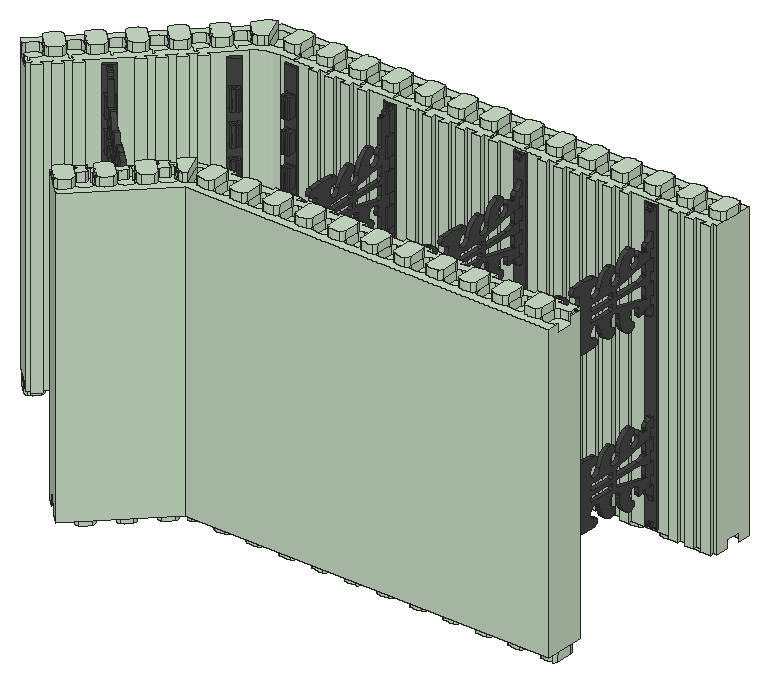
Revit family "ICF- NUDURA 10-inch- 45 Degree Form Unit- Imperial", category Generic Models, Revit 2010 (continued)
Definition of nested family "10-inch Web"
  Forms (in)
    Extrusion 1, solid, material "Polypropylene"
      sketch origin (0, 0, -0.5) x (0, 1, 0) y (0, 0, 1)
        loop
          arc (4.985, 0.88265) -> (4.98914, 0.86744) -> (5.00043, 0.85643) r 0.03
          line (5.00043, 0.85643) -> (5.16957, 0.76246)
          arc (5.16957, 0.76246) -> (5.18086, 0.75145) -> (5.185, 0.73624) r 0.03
          line (5.185, 0.73624) -> (5.185, 0.98503)
        loop
          line (-5.185, 0.98503) -> (-5.185, 0.73624)
          arc (-5.185, 0.73624) -> (-5.18086, 0.75145) -> (-5.16957, 0.76246) r 0.03
          line (-5.16957, 0.76246) -> (-5.00043, 0.85643)
          arc (-5.00043, 0.85643) -> (-4.98914, 0.86744) -> (-4.985, 0.88265) r 0.03
          line (-4.985, 0.88265) -> (-4.985, 0.95386)
          arc (-4.985, 0.95386) -> (-4.99126, 0.96839) -> (-5.00611, 0.97383) r 0.02
          line (-5.00611, 0.97383) -> (-5.16389, 0.96506)
          arc (-5.16389, 0.96506) -> (-5.17874, 0.9705) -> (-5.185, 0.98503) r 0.02
        loop
          line (4.959, 15.45384) -> (4.959, 15.95381) -> (4.854, 15.95381) -> (4.854, 16.02384) -> (5.0915, 16.02384)
          arc (5.0915, 16.02384) -> (5.1357, 16.00553) -> (5.154, 15.96134) r 0.0625
          line (5.154, 15.96134) -> (5.154, 16.86095)
          arc (5.154, 16.86095) -> (5.06225, 16.57227) -> (4.82067, 16.38954) r 0.5
          arc (4.82067, 16.38954) -> (4.69988, 16.29818) -> (4.654, 16.15384) r 0.25
          line (4.654, 16.15384) -> (4.654, 16.08634)
          arc (4.654, 16.08634) -> (4.67231, 16.04214) -> (4.7165, 16.02384) r 0.0625
          line (4.7165, 16.02384) -> (4.764, 16.02384) -> (4.764, 15.95381) -> (4.65846, 15.95381)
          arc (4.65846, 15.95381) -> (4.46242, 15.98802) -> (4.30133, 16.10487) r 0.44133
          arc (4.30133, 16.10487) -> (4.13092, 16.12201) -> (4.10336, 15.95298) r 0.125
          arc (4.10336, 15.95298) -> (3.6202, 15.47559) -> (3.56289, 16.15239) r 0.375
          arc (3.56289, 16.15239) -> (3.71165, 16.51474) -> (3.34931, 16.66349) r 0.27697
          arc (3.34931, 16.66349) -> (2.83672, 16.26582) -> (2.64033, 15.6475) r 1.09159
          line (2.64033, 15.6475) -> (2.64084, 15.48251)
          arc (2.64084, 15.48251) -> (2.06728, 15.19279) -> (2.07976, 15.83525) r 0.375
          arc (2.07976, 15.83525) -> (2.22851, 16.1976) -> (1.86617, 16.34635) r 0.27697
          arc (1.86617, 16.34635) -> (1.36679, 16.02099) -> (1.12993, 15.47406) r 1.0341
          arc (1.12993, 15.47406) -> (0.55637, 15.18434) -> (0.56885, 15.8268) r 0.375
          arc (0.56885, 15.8268) -> (0.65723, 15.85457) -> (0.74814, 15.87237) r 0.83414
          arc (0.74814, 15.87237) -> (0.91326, 16.103) -> (0.71383, 16.30469) r 0.22
          arc (0.71383, 16.30469) -> (0.35845, 16.35404) -> (0, 16.36944) r 3.77741
          arc (0, 16.36944) -> (-0.35845, 16.35404) -> (-0.71383, 16.30469) r 3.77741
          arc (-0.71383, 16.30469) -> (-0.91326, 16.103) -> (-0.74814, 15.87237) r 0.22
          arc (-0.74814, 15.87237) -> (-0.65723, 15.85457) -> (-0.56885, 15.8268) r 0.83414
          arc (-0.56885, 15.8268) -> (-0.55637, 15.18434) -> (-1.12993, 15.47406) r 0.375
          arc (-1.12993, 15.47406) -> (-1.36679, 16.02099) -> (-1.86617, 16.34635) r 1.0341
          arc (-1.86617, 16.34635) -> (-2.22851, 16.1976) -> (-2.07976, 15.83525) r 0.27697
          arc (-2.07976, 15.83525) -> (-2.06728, 15.19279) -> (-2.64084, 15.48251) r 0.375
          line (-2.64084, 15.48251) -> (-2.64033, 15.6475)
          arc (-2.64033, 15.6475) -> (-2.83672, 16.26582) -> (-3.34931, 16.66349) r 1.09159
          arc (-3.34931, 16.66349) -> (-3.71165, 16.51474) -> (-3.56289, 16.15239) r 0.27697
          arc (-3.56289, 16.15239) -> (-3.6202, 15.47559) -> (-4.10336, 15.95298) r 0.375
          arc (-4.10336, 15.95298) -> (-4.13092, 16.12201) -> (-4.30133, 16.10487) r 0.125
          arc (-4.30133, 16.10487) -> (-4.46242, 15.98802) -> (-4.65846, 15.95381) r 0.44133
          line (-4.65846, 15.95381) -> (-4.764, 15.95381) -> (-4.764, 16.02384) -> (-4.7165, 16.02384)
          arc (-4.7165, 16.02384) -> (-4.67231, 16.04214) -> (-4.654, 16.08634) r 0.0625
          line (-4.654, 16.08634) -> (-4.654, 16.15384)
          arc (-4.654, 16.15384) -> (-4.69988, 16.29818) -> (-4.82067, 16.38954) r 0.25
          arc (-4.82067, 16.38954) -> (-5.06225, 16.57227) -> (-5.154, 16.86095) r 0.5
          line (-5.154, 16.86095) -> (-5.154, 15.96134)
          arc (-5.154, 15.96134) -> (-5.1357, 16.00553) -> (-5.0915, 16.02384) r 0.0625
          line (-5.0915, 16.02384) -> (-4.854, 16.02384) -> (-4.854, 15.95381) -> (-4.959, 15.95381) -> (-4.959, 15.45384) -> (-4.854, 15.45384) -> (-4.854, 15.38384) -> (-5.1225, 15.38384)
          arc (-5.1225, 15.38384) -> (-5.16669, 15.40214) -> (-5.185, 15.44634) r 0.0625
          line (-5.185, 15.44634) -> (-5.185, 14.66134)
          arc (-5.185, 14.66134) -> (-5.16669, 14.70553) -> (-5.1225, 14.72384) r 0.0625
          line (-5.1225, 14.72384) -> (-4.854, 14.72384) -> (-4.854, 14.65384) -> (-4.959, 14.65384) -> (-4.959, 14.15384) -> (-4.854, 14.15384) -> (-4.854, 14.08384) -> (-5.1225, 14.08384)
          arc (-5.1225, 14.08384) -> (-5.16669, 14.10214) -> (-5.185, 14.14634) r 0.0625
          line (-5.185, 14.14634) -> (-5.185, 13.36134)
          arc (-5.185, 13.36134) -> (-5.16669, 13.40553) -> (-5.1225, 13.42384) r 0.0625
          line (-5.1225, 13.42384) -> (-4.854, 13.42384) -> (-4.854, 13.35384) -> (-4.959, 13.35384) -> (-4.959, 12.85387) -> (-4.854, 12.85387) -> (-4.854, 12.78384) -> (-5.1225, 12.78384)
          arc (-5.1225, 12.78384) -> (-5.16669, 12.80214) -> (-5.185, 12.84634) r 0.0625
          line (-5.185, 12.84634) -> (-5.185, 12.24673) -> (-5.054, 12.24673)
          arc (-5.054, 12.24673) -> (-4.95001, 12.34969) -> (-4.82067, 12.41814) r 0.5
          arc (-4.82067, 12.41814) -> (-4.69988, 12.5095) -> (-4.654, 12.65384) r 0.25
          line (-4.654, 12.65384) -> (-4.654, 12.72134)
          arc (-4.654, 12.72134) -> (-4.67231, 12.76553) -> (-4.7165, 12.78384) r 0.0625
          line (-4.7165, 12.78384) -> (-4.764, 12.78384) -> (-4.764, 12.85387) -> (-4.65846, 12.85387)
          arc (-4.65846, 12.85387) -> (-4.46242, 12.81966) -> (-4.30133, 12.70281) r 0.44133
          arc (-4.30133, 12.70281) -> (-4.13092, 12.68566) -> (-4.10336, 12.8547) r 0.125
          arc (-4.10336, 12.8547) -> (-3.6202, 13.33209) -> (-3.56289, 12.65529) r 0.375
          arc (-3.56289, 12.65529) -> (-3.71165, 12.29294) -> (-3.34931, 12.14419) r 0.27697
          arc (-3.34931, 12.14419) -> (-2.83672, 12.54186) -> (-2.64033, 13.16018) r 1.09159
          line (-2.64033, 13.16018) -> (-2.64084, 13.32517)
          arc (-2.64084, 13.32517) -> (-2.06728, 13.61488) -> (-2.07976, 12.97243) r 0.375
          arc (-2.07976, 12.97243) -> (-2.22851, 12.61008) -> (-1.86617, 12.46132) r 0.27697
          arc (-1.86617, 12.46132) -> (-1.36679, 12.78669) -> (-1.12993, 13.33362) r 1.0341
          arc (-1.12993, 13.33362) -> (-0.55637, 13.62334) -> (-0.56885, 12.98088) r 0.375
          arc (-0.56885, 12.98088) -> (-0.65723, 12.95311) -> (-0.74814, 12.93531) r 0.83414
          arc (-0.74814, 12.93531) -> (-0.91326, 12.70468) -> (-0.71383, 12.50299) r 0.22
          arc (-0.71383, 12.50299) -> (-0.35845, 12.45364) -> (0, 12.43823) r 3.77741
          arc (0, 12.43823) -> (0.35845, 12.45364) -> (0.71383, 12.50299) r 3.77741
          arc (0.71383, 12.50299) -> (0.91326, 12.70468) -> (0.74814, 12.93531) r 0.22
          arc (0.74814, 12.93531) -> (0.65723, 12.95311) -> (0.56885, 12.98088) r 0.83414
          arc (0.56885, 12.98088) -> (0.55637, 13.62334) -> (1.12993, 13.33362) r 0.375
          arc (1.12993, 13.33362) -> (1.36679, 12.78669) -> (1.86617, 12.46132) r 1.0341
          arc (1.86617, 12.46132) -> (2.22851, 12.61008) -> (2.07976, 12.97243) r 0.27697
          arc (2.07976, 12.97243) -> (2.06728, 13.61488) -> (2.64084, 13.32517) r 0.375
          line (2.64084, 13.32517) -> (2.64033, 13.16018)
          arc (2.64033, 13.16018) -> (2.83672, 12.54186) -> (3.34931, 12.14419) r 1.09159
          arc (3.34931, 12.14419) -> (3.71165, 12.29294) -> (3.56289, 12.65529) r 0.27697
          arc (3.56289, 12.65529) -> (3.6202, 13.33209) -> (4.10336, 12.8547) r 0.375
          arc (4.10336, 12.8547) -> (4.13092, 12.68566) -> (4.30133, 12.70281) r 0.125
          arc (4.30133, 12.70281) -> (4.46242, 12.81966) -> (4.65846, 12.85387) r 0.44133
          line (4.65846, 12.85387) -> (4.764, 12.85387) -> (4.764, 12.78384) -> (4.7165, 12.78384)
          arc (4.7165, 12.78384) -> (4.67231, 12.76553) -> (4.654, 12.72134) r 0.0625
          line (4.654, 12.72134) -> (4.654, 12.65384)
          arc (4.654, 12.65384) -> (4.69988, 12.5095) -> (4.82067, 12.41814) r 0.25
          arc (4.82067, 12.41814) -> (4.95001, 12.34969) -> (5.054, 12.24673) r 0.5
          line (5.054, 12.24673) -> (5.185, 12.24673) -> (5.185, 12.84634)
          arc (5.185, 12.84634) -> (5.16669, 12.80214) -> (5.1225, 12.78384) r 0.0625
          line (5.1225, 12.78384) -> (4.854, 12.78384) -> (4.854, 12.85387) -> (4.959, 12.85387) -> (4.959, 13.35384) -> (4.854, 13.35384) -> (4.854, 13.42384) -> (5.1225, 13.42384)
          arc (5.1225, 13.42384) -> (5.16669, 13.40553) -> (5.185, 13.36134) r 0.0625
          line (5.185, 13.36134) -> (5.185, 14.14634)
          arc (5.185, 14.14634) -> (5.16669, 14.10214) -> (5.1225, 14.08384) r 0.0625
          line (5.1225, 14.08384) -> (4.854, 14.08384) -> (4.854, 14.15384) -> (4.959, 14.15384) -> (4.959, 14.65384) -> (4.854, 14.65384) -> (4.854, 14.72384) -> (5.1225, 14.72384)
          arc (5.1225, 14.72384) -> (5.16669, 14.70553) -> (5.185, 14.66134) r 0.0625
          line (5.185, 14.66134) -> (5.185, 15.44634)
          arc (5.185, 15.44634) -> (5.16669, 15.40214) -> (5.1225, 15.38384) r 0.0625
          line (5.1225, 15.38384) -> (4.854, 15.38384) -> (4.854, 15.45384) -> (4.959, 15.45384)
        loop
          line (4.659, 14.65384) -> (4.764, 14.65384) -> (4.764, 14.72384) -> (4.7165, 14.72384)
          arc (4.7165, 14.72384) -> (4.67231, 14.74214) -> (4.654, 14.78634) r 0.0625
          line (4.654, 14.78634) -> (4.654, 15.32134)
          arc (4.654, 15.32134) -> (4.67231, 15.36553) -> (4.7165, 15.38384) r 0.0625
          line (4.7165, 15.38384) -> (4.764, 15.38384) -> (4.764, 15.45384) -> (4.659, 15.45384) -> (2.44144, 14.95721)
          arc (2.44144, 14.95721) -> (2.37119, 14.91337) -> (2.34376, 14.83523) r 0.125
          line (2.34376, 14.83523) -> (2.34376, 14.62294)
          arc (2.34376, 14.62294) -> (2.38037, 14.53455) -> (2.46876, 14.49794) r 0.125
          line (2.46876, 14.49794) -> (4.10628, 14.49794)
          arc (4.10628, 14.49794) -> (4.33726, 14.5391) -> (4.5554, 14.62551) r 1.17022
          arc (4.5554, 14.62551) -> (4.60543, 14.64613) -> (4.659, 14.65384) r 0.21872
        loop
          line (4.659, 13.35384) -> (4.764, 13.35384) -> (4.764, 13.42384) -> (4.7165, 13.42384)
          arc (4.7165, 13.42384) -> (4.67231, 13.44214) -> (4.654, 13.48634) r 0.0625
          line (4.654, 13.48634) -> (4.654, 14.02134)
          arc (4.654, 14.02134) -> (4.67231, 14.06553) -> (4.7165, 14.08384) r 0.0625
          line (4.7165, 14.08384) -> (4.764, 14.08384) -> (4.764, 14.15384) -> (4.659, 14.15384)
          arc (4.659, 14.15384) -> (4.60543, 14.16155) -> (4.5554, 14.18217) r 0.21872
          arc (4.5554, 14.18217) -> (4.33726, 14.26858) -> (4.10628, 14.30974) r 1.17022
          line (4.10628, 14.30974) -> (2.46876, 14.30974)
          arc (2.46876, 14.30974) -> (2.38037, 14.27312) -> (2.34376, 14.18474) r 0.125
          line (2.34376, 14.18474) -> (2.34376, 13.97245)
          arc (2.34376, 13.97245) -> (2.37119, 13.89431) -> (2.44144, 13.85047) r 0.125
          line (2.44144, 13.85047) -> (4.659, 13.35384)
        loop
          line (5.185, 18.01497) -> (5.185, 18.26376)
          arc (5.185, 18.26376) -> (5.18086, 18.24855) -> (5.16957, 18.23754) r 0.03
          line (5.16957, 18.23754) -> (5.00043, 18.14357)
          arc (5.00043, 18.14357) -> (4.98914, 18.13256) -> (4.985, 18.11735) r 0.03
          line (4.985, 18.11735) -> (4.985, 18.04614)
          arc (4.985, 18.04614) -> (4.99126, 18.03161) -> (5.00611, 18.02617) r 0.02
          line (5.00611, 18.02617) -> (5.16389, 18.03494)
          arc (5.16389, 18.03494) -> (5.17874, 18.0295) -> (5.185, 18.01497) r 0.02
        loop
          arc (-5.185, 18.01497) -> (-5.17874, 18.0295) -> (-5.16389, 18.03494) r 0.02
          line (-5.16389, 18.03494) -> (-5.00611, 18.02617)
          arc (-5.00611, 18.02617) -> (-4.99126, 18.03161) -> (-4.985, 18.04614) r 0.02
          line (-4.985, 18.04614) -> (-4.985, 18.11735)
          arc (-4.985, 18.11735) -> (-4.98914, 18.13256) -> (-5.00043, 18.14357) r 0.03
          line (-5.00043, 18.14357) -> (-5.16957, 18.23754)
          arc (-5.16957, 18.23754) -> (-5.18086, 18.24855) -> (-5.185, 18.26376) r 0.03
          line (-5.185, 18.26376) -> (-5.185, 18.01497)
        loop
          line (2.03126, 14.93281) -> (0.59176, 14.93281)
          arc (0.59176, 14.93281) -> (0.37476, 14.71581) -> (0.59176, 14.49881) r 0.217
          line (0.59176, 14.49881) -> (2.03126, 14.49881)
          arc (2.03126, 14.49881) -> (2.11964, 14.53542) -> (2.15626, 14.62381) r 0.125
          line (2.15626, 14.62381) -> (2.15626, 14.80781)
          arc (2.15626, 14.80781) -> (2.11964, 14.8962) -> (2.03126, 14.93281) r 0.125
        loop
          line (0.59176, 13.87487) -> (2.03126, 13.87487)
          arc (2.03126, 13.87487) -> (2.11964, 13.91148) -> (2.15626, 13.99987) r 0.125
          line (2.15626, 13.99987) -> (2.15626, 14.18387)
          arc (2.15626, 14.18387) -> (2.11964, 14.27226) -> (2.03126, 14.30887) r 0.125
          line (2.03126, 14.30887) -> (0.59176, 14.30887)
          arc (0.59176, 14.30887) -> (0.37476, 14.09187) -> (0.59176, 13.87487) r 0.217
        loop
          arc (-4.659, 14.65384) -> (-4.60543, 14.64613) -> (-4.5554, 14.62551) r 0.21872
          arc (-4.5554, 14.62551) -> (-4.33726, 14.5391) -> (-4.10628, 14.49794) r 1.17022
          line (-4.10628, 14.49794) -> (-2.46876, 14.49794)
          arc (-2.46876, 14.49794) -> (-2.38037, 14.53455) -> (-2.34376, 14.62294) r 0.125
          line (-2.34376, 14.62294) -> (-2.34376, 14.83523)
          arc (-2.34376, 14.83523) -> (-2.37119, 14.91337) -> (-2.44144, 14.95721) r 0.125
          line (-2.44144, 14.95721) -> (-4.659, 15.45384) -> (-4.764, 15.45384) -> (-4.764, 15.38384) -> (-4.7165, 15.38384)
          arc (-4.7165, 15.38384) -> (-4.67231, 15.36553) -> (-4.654, 15.32134) r 0.0625
          line (-4.654, 15.32134) -> (-4.654, 14.78634)
          arc (-4.654, 14.78634) -> (-4.67231, 14.74214) -> (-4.7165, 14.72384) r 0.0625
          line (-4.7165, 14.72384) -> (-4.764, 14.72384) -> (-4.764, 14.65384) -> (-4.659, 14.65384)
        loop
          line (-4.659, 13.35384) -> (-2.44144, 13.85047)
          arc (-2.44144, 13.85047) -> (-2.37119, 13.89431) -> (-2.34376, 13.97245) r 0.125
          line (-2.34376, 13.97245) -> (-2.34376, 14.18474)
          arc (-2.34376, 14.18474) -> (-2.38037, 14.27312) -> (-2.46876, 14.30974) r 0.125
          line (-2.46876, 14.30974) -> (-4.10628, 14.30974)
          arc (-4.10628, 14.30974) -> (-4.33726, 14.26858) -> (-4.5554, 14.18217) r 1.17022
          arc (-4.5554, 14.18217) -> (-4.60543, 14.16155) -> (-4.659, 14.15384) r 0.21872
          line (-4.659, 14.15384) -> (-4.764, 14.15384) -> (-4.764, 14.08384) -> (-4.7165, 14.08384)
          arc (-4.7165, 14.08384) -> (-4.67231, 14.06553) -> (-4.654, 14.02134) r 0.0625
          line (-4.654, 14.02134) -> (-4.654, 13.48634)
          arc (-4.654, 13.48634) -> (-4.67231, 13.44214) -> (-4.7165, 13.42384) r 0.0625
          line (-4.7165, 13.42384) -> (-4.764, 13.42384) -> (-4.764, 13.35384) -> (-4.659, 13.35384)
        loop
          arc (-2.03126, 14.93281) -> (-2.11964, 14.8962) -> (-2.15626, 14.80781) r 0.125
          line (-2.15626, 14.80781) -> (-2.15626, 14.62381)
          arc (-2.15626, 14.62381) -> (-2.11964, 14.53542) -> (-2.03126, 14.49881) r 0.125
          line (-2.03126, 14.49881) -> (-0.59176, 14.49881)
          arc (-0.59176, 14.49881) -> (-0.37476, 14.71581) -> (-0.59176, 14.93281) r 0.217
          line (-0.59176, 14.93281) -> (-2.03126, 14.93281)
        loop
          arc (-0.59176, 13.87487) -> (-0.37476, 14.09187) -> (-0.59176, 14.30887) r 0.217
          line (-0.59176, 14.30887) -> (-2.03126, 14.30887)
          arc (-2.03126, 14.30887) -> (-2.11964, 14.27226) -> (-2.15626, 14.18387) r 0.125
          line (-2.15626, 14.18387) -> (-2.15626, 13.99987)
          arc (-2.15626, 13.99987) -> (-2.11964, 13.91148) -> (-2.03126, 13.87487) r 0.125
          line (-2.03126, 13.87487) -> (-0.59176, 13.87487)
        loop
          line (4.959, 3.54616) -> (4.854, 3.54616) -> (4.854, 3.61616) -> (5.1225, 3.61616)
          arc (5.1225, 3.61616) -> (5.16669, 3.59786) -> (5.185, 3.55366) r 0.0625
          line (5.185, 3.55366) -> (5.185, 4.33866)
          arc (5.185, 4.33866) -> (5.16669, 4.29447) -> (5.1225, 4.27616) r 0.0625
          line (5.1225, 4.27616) -> (4.854, 4.27616) -> (4.854, 4.34616) -> (4.959, 4.34616) -> (4.959, 4.84616) -> (4.854, 4.84616) -> (4.854, 4.91616) -> (5.1225, 4.91616)
          arc (5.1225, 4.91616) -> (5.16669, 4.89786) -> (5.185, 4.85366) r 0.0625
          line (5.185, 4.85366) -> (5.185, 5.63866)
          arc (5.185, 5.63866) -> (5.16669, 5.59447) -> (5.1225, 5.57616) r 0.0625
          line (5.1225, 5.57616) -> (4.854, 5.57616) -> (4.854, 5.64616) -> (4.959, 5.64616) -> (4.959, 6.14613) -> (4.854, 6.14613) -> (4.854, 6.21616) -> (5.1225, 6.21616)
          arc (5.1225, 6.21616) -> (5.16669, 6.19786) -> (5.185, 6.15366) r 0.0625
          line (5.185, 6.15366) -> (5.185, 6.75327) -> (5.054, 6.75327)
          arc (5.054, 6.75327) -> (4.95001, 6.65031) -> (4.82067, 6.58186) r 0.5
          arc (4.82067, 6.58186) -> (4.69988, 6.4905) -> (4.654, 6.34616) r 0.25
          line (4.654, 6.34616) -> (4.654, 6.27866)
          arc (4.654, 6.27866) -> (4.67231, 6.23447) -> (4.7165, 6.21616) r 0.0625
          line (4.7165, 6.21616) -> (4.764, 6.21616) -> (4.764, 6.14613) -> (4.65846, 6.14613)
          arc (4.65846, 6.14613) -> (4.46242, 6.18034) -> (4.30133, 6.29719) r 0.44133
          arc (4.30133, 6.29719) -> (4.13092, 6.31434) -> (4.10336, 6.1453) r 0.125
          arc (4.10336, 6.1453) -> (3.6202, 5.66791) -> (3.56289, 6.34471) r 0.375
          arc (3.56289, 6.34471) -> (3.71165, 6.70706) -> (3.34931, 6.85581) r 0.27697
          arc (3.34931, 6.85581) -> (2.83672, 6.45814) -> (2.64033, 5.83982) r 1.09159
          line (2.64033, 5.83982) -> (2.64084, 5.67483)
          arc (2.64084, 5.67483) -> (2.06728, 5.38512) -> (2.07976, 6.02757) r 0.375
          arc (2.07976, 6.02757) -> (2.22851, 6.38992) -> (1.86617, 6.53868) r 0.27697
          arc (1.86617, 6.53868) -> (1.36679, 6.21331) -> (1.12993, 5.66638) r 1.0341
          arc (1.12993, 5.66638) -> (0.55637, 5.37666) -> (0.56885, 6.01912) r 0.375
          arc (0.56885, 6.01912) -> (0.65723, 6.04689) -> (0.74814, 6.06469) r 0.83414
          arc (0.74814, 6.06469) -> (0.91326, 6.29532) -> (0.71383, 6.49701) r 0.22
          arc (0.71383, 6.49701) -> (0.35845, 6.54636) -> (0, 6.56177) r 3.77741
          arc (0, 6.56177) -> (-0.35845, 6.54636) -> (-0.71383, 6.49701) r 3.77741
          arc (-0.71383, 6.49701) -> (-0.91326, 6.29532) -> (-0.74814, 6.06469) r 0.22
          arc (-0.74814, 6.06469) -> (-0.65723, 6.04689) -> (-0.56885, 6.01912) r 0.83414
          arc (-0.56885, 6.01912) -> (-0.55637, 5.37666) -> (-1.12993, 5.66638) r 0.375
          arc (-1.12993, 5.66638) -> (-1.36679, 6.21331) -> (-1.86617, 6.53868) r 1.0341
          arc (-1.86617, 6.53868) -> (-2.22851, 6.38992) -> (-2.07976, 6.02757) r 0.27697
          arc (-2.07976, 6.02757) -> (-2.06728, 5.38512) -> (-2.64084, 5.67483) r 0.375
          line (-2.64084, 5.67483) -> (-2.64033, 5.83982)
          arc (-2.64033, 5.83982) -> (-2.83672, 6.45814) -> (-3.34931, 6.85581) r 1.09159
          arc (-3.34931, 6.85581) -> (-3.71165, 6.70706) -> (-3.56289, 6.34471) r 0.27697
          arc (-3.56289, 6.34471) -> (-3.6202, 5.66791) -> (-4.10336, 6.1453) r 0.375
          arc (-4.10336, 6.1453) -> (-4.13092, 6.31434) -> (-4.30133, 6.29719) r 0.125
          arc (-4.30133, 6.29719) -> (-4.46242, 6.18034) -> (-4.65846, 6.14613) r 0.44133
          line (-4.65846, 6.14613) -> (-4.764, 6.14613) -> (-4.764, 6.21616) -> (-4.7165, 6.21616)
          arc (-4.7165, 6.21616) -> (-4.67231, 6.23447) -> (-4.654, 6.27866) r 0.0625
          line (-4.654, 6.27866) -> (-4.654, 6.34616)
          arc (-4.654, 6.34616) -> (-4.69988, 6.4905) -> (-4.82067, 6.58186) r 0.25
          arc (-4.82067, 6.58186) -> (-4.95001, 6.65031) -> (-5.054, 6.75327) r 0.5
          line (-5.054, 6.75327) -> (-5.185, 6.75327) -> (-5.185, 6.15366)
          arc (-5.185, 6.15366) -> (-5.16669, 6.19786) -> (-5.1225, 6.21616) r 0.0625
          line (-5.1225, 6.21616) -> (-4.854, 6.21616) -> (-4.854, 6.14613) -> (-4.959, 6.14613) -> (-4.959, 5.64616) -> (-4.854, 5.64616) -> (-4.854, 5.57616) -> (-5.1225, 5.57616)
          arc (-5.1225, 5.57616) -> (-5.16669, 5.59447) -> (-5.185, 5.63866) r 0.0625
          line (-5.185, 5.63866) -> (-5.185, 4.85366)
          arc (-5.185, 4.85366) -> (-5.16669, 4.89786) -> (-5.1225, 4.91616) r 0.0625
          line (-5.1225, 4.91616) -> (-4.854, 4.91616) -> (-4.854, 4.84616) -> (-4.959, 4.84616) -> (-4.959, 4.34616) -> (-4.854, 4.34616) -> (-4.854, 4.27616) -> (-5.1225, 4.27616)
          arc (-5.1225, 4.27616) -> (-5.16669, 4.29447) -> (-5.185, 4.33866) r 0.0625
          line (-5.185, 4.33866) -> (-5.185, 3.55366)
          arc (-5.185, 3.55366) -> (-5.16669, 3.59786) -> (-5.1225, 3.61616) r 0.0625
          line (-5.1225, 3.61616) -> (-4.854, 3.61616) -> (-4.854, 3.54616) -> (-4.959, 3.54616) -> (-4.959, 3.04619) -> (-4.854, 3.04619) -> (-4.854, 2.97616) -> (-5.0915, 2.97616)
          arc (-5.0915, 2.97616) -> (-5.1357, 2.99447) -> (-5.154, 3.03866) r 0.0625
          line (-5.154, 3.03866) -> (-5.154, 2.13905)
          arc (-5.154, 2.13905) -> (-5.06225, 2.42773) -> (-4.82067, 2.61046) r 0.5
          arc (-4.82067, 2.61046) -> (-4.69988, 2.70182) -> (-4.654, 2.84616) r 0.25
          line (-4.654, 2.84616) -> (-4.654, 2.91366)
          arc (-4.654, 2.91366) -> (-4.67231, 2.95786) -> (-4.7165, 2.97616) r 0.0625
          line (-4.7165, 2.97616) -> (-4.764, 2.97616) -> (-4.764, 3.04619) -> (-4.65846, 3.04619)
          arc (-4.65846, 3.04619) -> (-4.46242, 3.01198) -> (-4.30133, 2.89513) r 0.44133
          arc (-4.30133, 2.89513) -> (-4.13092, 2.87799) -> (-4.10336, 3.04702) r 0.125
          arc (-4.10336, 3.04702) -> (-3.6202, 3.52441) -> (-3.56289, 2.84761) r 0.375
          arc (-3.56289, 2.84761) -> (-3.71165, 2.48526) -> (-3.34931, 2.33651) r 0.27697
          arc (-3.34931, 2.33651) -> (-2.83672, 2.73418) -> (-2.64033, 3.3525) r 1.09159
          line (-2.64033, 3.3525) -> (-2.64084, 3.51749)
          arc (-2.64084, 3.51749) -> (-2.06728, 3.80721) -> (-2.07976, 3.16475) r 0.375
          arc (-2.07976, 3.16475) -> (-2.22851, 2.8024) -> (-1.86617, 2.65365) r 0.27697
          arc (-1.86617, 2.65365) -> (-1.36679, 2.97901) -> (-1.12993, 3.52594) r 1.0341
          arc (-1.12993, 3.52594) -> (-0.55637, 3.81566) -> (-0.56885, 3.1732) r 0.375
          arc (-0.56885, 3.1732) -> (-0.65723, 3.14543) -> (-0.74814, 3.12763) r 0.83414
          arc (-0.74814, 3.12763) -> (-0.91326, 2.897) -> (-0.71383, 2.69531) r 0.22
          arc (-0.71383, 2.69531) -> (-0.35845, 2.64596) -> (0, 2.63056) r 3.77741
          arc (0, 2.63056) -> (0.35845, 2.64596) -> (0.71383, 2.69531) r 3.77741
          arc (0.71383, 2.69531) -> (0.91326, 2.897) -> (0.74814, 3.12763) r 0.22
          arc (0.74814, 3.12763) -> (0.65723, 3.14543) -> (0.56885, 3.1732) r 0.83414
          arc (0.56885, 3.1732) -> (0.55637, 3.81566) -> (1.12993, 3.52594) r 0.375
          arc (1.12993, 3.52594) -> (1.36679, 2.97901) -> (1.86617, 2.65365) r 1.0341
          arc (1.86617, 2.65365) -> (2.22851, 2.8024) -> (2.07976, 3.16475) r 0.27697
          arc (2.07976, 3.16475) -> (2.06728, 3.80721) -> (2.64084, 3.51749) r 0.375
          line (2.64084, 3.51749) -> (2.64033, 3.3525)
          arc (2.64033, 3.3525) -> (2.83672, 2.73418) -> (3.34931, 2.33651) r 1.09159
          arc (3.34931, 2.33651) -> (3.71165, 2.48526) -> (3.56289, 2.84761) r 0.27697
          arc (3.56289, 2.84761) -> (3.6202, 3.52441) -> (4.10336, 3.04702) r 0.375
          arc (4.10336, 3.04702) -> (4.13092, 2.87799) -> (4.30133, 2.89513) r 0.125
          arc (4.30133, 2.89513) -> (4.46242, 3.01198) -> (4.65846, 3.04619) r 0.44133
          line (4.65846, 3.04619) -> (4.764, 3.04619) -> (4.764, 2.97616) -> (4.7165, 2.97616)
          arc (4.7165, 2.97616) -> (4.67231, 2.95786) -> (4.654, 2.91366) r 0.0625
          line (4.654, 2.91366) -> (4.654, 2.84616)
          arc (4.654, 2.84616) -> (4.69988, 2.70182) -> (4.82067, 2.61046) r 0.25
          arc (4.82067, 2.61046) -> (5.06225, 2.42773) -> (5.154, 2.13905) r 0.5
          line (5.154, 2.13905) -> (5.154, 3.03866)
          arc (5.154, 3.03866) -> (5.1357, 2.99447) -> (5.0915, 2.97616) r 0.0625
          line (5.0915, 2.97616) -> (4.854, 2.97616) -> (4.854, 3.04619) -> (4.959, 3.04619) -> (4.959, 3.54616)
        loop
          arc (4.659, 4.34616) -> (4.60543, 4.35387) -> (4.5554, 4.37449) r 0.21872
          arc (4.5554, 4.37449) -> (4.33726, 4.4609) -> (4.10628, 4.50206) r 1.17022
          line (4.10628, 4.50206) -> (2.46876, 4.50206)
          arc (2.46876, 4.50206) -> (2.38037, 4.46545) -> (2.34376, 4.37706) r 0.125
          line (2.34376, 4.37706) -> (2.34376, 4.16477)
          arc (2.34376, 4.16477) -> (2.37119, 4.08663) -> (2.44144, 4.04279) r 0.125
          line (2.44144, 4.04279) -> (4.659, 3.54616) -> (4.764, 3.54616) -> (4.764, 3.61616) -> (4.7165, 3.61616)
          arc (4.7165, 3.61616) -> (4.67231, 3.63447) -> (4.654, 3.67866) r 0.0625
          line (4.654, 3.67866) -> (4.654, 4.21366)
          arc (4.654, 4.21366) -> (4.67231, 4.25786) -> (4.7165, 4.27616) r 0.0625
          line (4.7165, 4.27616) -> (4.764, 4.27616) -> (4.764, 4.34616) -> (4.659, 4.34616)
        loop
          line (4.659, 5.64616) -> (2.44144, 5.14953)
          arc (2.44144, 5.14953) -> (2.37119, 5.10569) -> (2.34376, 5.02755) r 0.125
          line (2.34376, 5.02755) -> (2.34376, 4.81526)
          arc (2.34376, 4.81526) -> (2.38037, 4.72688) -> (2.46876, 4.69026) r 0.125
          line (2.46876, 4.69026) -> (4.10628, 4.69026)
          arc (4.10628, 4.69026) -> (4.33726, 4.73142) -> (4.5554, 4.81783) r 1.17022
          arc (4.5554, 4.81783) -> (4.60543, 4.83845) -> (4.659, 4.84616) r 0.21872
          line (4.659, 4.84616) -> (4.764, 4.84616) -> (4.764, 4.91616) -> (4.7165, 4.91616)
          arc (4.7165, 4.91616) -> (4.67231, 4.93447) -> (4.654, 4.97866) r 0.0625
          line (4.654, 4.97866) -> (4.654, 5.51366)
          arc (4.654, 5.51366) -> (4.67231, 5.55786) -> (4.7165, 5.57616) r 0.0625
          line (4.7165, 5.57616) -> (4.764, 5.57616) -> (4.764, 5.64616) -> (4.659, 5.64616)
        loop
          arc (2.03126, 4.06719) -> (2.11964, 4.1038) -> (2.15626, 4.19219) r 0.125
          line (2.15626, 4.19219) -> (2.15626, 4.37619)
          arc (2.15626, 4.37619) -> (2.11964, 4.46458) -> (2.03126, 4.50119) r 0.125
          line (2.03126, 4.50119) -> (0.59176, 4.50119)
          arc (0.59176, 4.50119) -> (0.37476, 4.28419) -> (0.59176, 4.06719) r 0.217
          line (0.59176, 4.06719) -> (2.03126, 4.06719)
        loop
          arc (0.59176, 5.12513) -> (0.37476, 4.90813) -> (0.59176, 4.69113) r 0.217
          line (0.59176, 4.69113) -> (2.03126, 4.69113)
          arc (2.03126, 4.69113) -> (2.11964, 4.72774) -> (2.15626, 4.81613) r 0.125
          line (2.15626, 4.81613) -> (2.15626, 5.00013)
          arc (2.15626, 5.00013) -> (2.11964, 5.08852) -> (2.03126, 5.12513) r 0.125
          line (2.03126, 5.12513) -> (0.59176, 5.12513)
        loop
          line (-4.659, 4.34616) -> (-4.764, 4.34616) -> (-4.764, 4.27616) -> (-4.7165, 4.27616)
          arc (-4.7165, 4.27616) -> (-4.67231, 4.25786) -> (-4.654, 4.21366) r 0.0625
          line (-4.654, 4.21366) -> (-4.654, 3.67866)
          arc (-4.654, 3.67866) -> (-4.67231, 3.63447) -> (-4.7165, 3.61616) r 0.0625
          line (-4.7165, 3.61616) -> (-4.764, 3.61616) -> (-4.764, 3.54616) -> (-4.659, 3.54616) -> (-2.44144, 4.04279)
          arc (-2.44144, 4.04279) -> (-2.37119, 4.08663) -> (-2.34376, 4.16477) r 0.125
          line (-2.34376, 4.16477) -> (-2.34376, 4.37706)
          arc (-2.34376, 4.37706) -> (-2.38037, 4.46545) -> (-2.46876, 4.50206) r 0.125
          line (-2.46876, 4.50206) -> (-4.10628, 4.50206)
          arc (-4.10628, 4.50206) -> (-4.33726, 4.4609) -> (-4.5554, 4.37449) r 1.17022
          arc (-4.5554, 4.37449) -> (-4.60543, 4.35387) -> (-4.659, 4.34616) r 0.21872
        loop
          line (-4.659, 5.64616) -> (-4.764, 5.64616) -> (-4.764, 5.57616) -> (-4.7165, 5.57616)
          arc (-4.7165, 5.57616) -> (-4.67231, 5.55786) -> (-4.654, 5.51366) r 0.0625
          line (-4.654, 5.51366) -> (-4.654, 4.97866)
          arc (-4.654, 4.97866) -> (-4.67231, 4.93447) -> (-4.7165, 4.91616) r 0.0625
          line (-4.7165, 4.91616) -> (-4.764, 4.91616) -> (-4.764, 4.84616) -> (-4.659, 4.84616)
          arc (-4.659, 4.84616) -> (-4.60543, 4.83845) -> (-4.5554, 4.81783) r 0.21872
          arc (-4.5554, 4.81783) -> (-4.33726, 4.73142) -> (-4.10628, 4.69026) r 1.17022
          line (-4.10628, 4.69026) -> (-2.46876, 4.69026)
          arc (-2.46876, 4.69026) -> (-2.38037, 4.72688) -> (-2.34376, 4.81526) r 0.125
          line (-2.34376, 4.81526) -> (-2.34376, 5.02755)
          arc (-2.34376, 5.02755) -> (-2.37119, 5.10569) -> (-2.44144, 5.14953) r 0.125
          line (-2.44144, 5.14953) -> (-4.659, 5.64616)
        loop
          line (-2.03126, 4.06719) -> (-0.59176, 4.06719)
          arc (-0.59176, 4.06719) -> (-0.37476, 4.28419) -> (-0.59176, 4.50119) r 0.217
          line (-0.59176, 4.50119) -> (-2.03126, 4.50119)
          arc (-2.03126, 4.50119) -> (-2.11964, 4.46458) -> (-2.15626, 4.37619) r 0.125
          line (-2.15626, 4.37619) -> (-2.15626, 4.19219)
          arc (-2.15626, 4.19219) -> (-2.11964, 4.1038) -> (-2.03126, 4.06719) r 0.125
        loop
          line (-0.59176, 5.12513) -> (-2.03126, 5.12513)
          arc (-2.03126, 5.12513) -> (-2.11964, 5.08852) -> (-2.15626, 5.00013) r 0.125
          line (-2.15626, 5.00013) -> (-2.15626, 4.81613)
          arc (-2.15626, 4.81613) -> (-2.11964, 4.72774) -> (-2.03126, 4.69113) r 0.125
          line (-2.03126, 4.69113) -> (-0.59176, 4.69113)
          arc (-0.59176, 4.69113) -> (-0.37476, 4.90813) -> (-0.59176, 5.12513) r 0.217
      from -0.125 to 0.125
    Extrusion 2, solid, material "Polypropylene"
      sketch origin (0, 0, 0) x (0, 1, 0) y (0, 0, 1)
        loop
          line (5.185, 17.8125) -> (5.185, 0.1875)
          arc (5.185, 0.1875) -> (5.2042, 0.14243) -> (5.25, 0.12505) r 0.0625
          arc (5.25, 0.12505) -> (5.2958, 0.14243) -> (5.315, 0.1875) r 0.0625
          line (5.315, 0.1875) -> (5.315, 17.8125)
          arc (5.315, 17.8125) -> (5.2958, 17.85757) -> (5.25, 17.87495) r 0.0625
          arc (5.25, 17.87495) -> (5.2042, 17.85757) -> (5.185, 17.8125) r 0.0625
        loop
          arc (-5.185, 17.8125) -> (-5.2042, 17.85757) -> (-5.25, 17.87495) r 0.0625
          arc (-5.25, 17.87495) -> (-5.2958, 17.85757) -> (-5.315, 17.8125) r 0.0625
          line (-5.315, 17.8125) -> (-5.315, 0.1875)
          arc (-5.315, 0.1875) -> (-5.2958, 0.14243) -> (-5.25, 0.12505) r 0.0625
          arc (-5.25, 0.12505) -> (-5.2042, 0.14243) -> (-5.185, 0.1875) r 0.0625
          line (-5.185, 0.1875) -> (-5.185, 17.8125)
      from -0.36328 to 0.36328
Definition of nested family "10-inch Insert Web"
  Reference planes (in)
    plane 1 "Center (Front/Back)": y = 0
    plane 2: z = 0
    plane 3 "Center (Left/Right)": x = 0
  Forms (in)
    Extrusion 1, solid, material "High Density Polystyrene"
      sketch origin (0, 0, 0) x (0, 1, 0) y (0, 0, 1)
        loop
          line (5.25, 0) -> (5.25, 17.74583)
          arc (5.25, 17.74583) -> (5.22112, 17.72608) -> (5.21, 17.69292) r 0.055
          line (5.21, 17.69292) -> (5.21, 0.05292)
          arc (5.21, 0.05292) -> (5.22112, 0.01975) -> (5.25, 0) r 0.055
        loop
          arc (-5.25, 0) -> (-5.22112, 0.01975) -> (-5.21, 0.05292) r 0.055
          line (-5.21, 0.05292) -> (-5.21, 17.69292)
          arc (-5.21, 17.69292) -> (-5.22112, 17.72608) -> (-5.25, 17.74583) r 0.055
          line (-5.25, 17.74583) -> (-5.25, 0)
      from 0.36328 to -0.36328
    Extrusion 2, solid, material "High Density Polystyrene"
      sketch origin (0, 0, 0) x (0, 1, 0) y (0, 0, 1)
        loop
          line (-5.12543, 17.57204) -> (-5.19457, 17.61045)
          arc (-5.19457, 17.61045) -> (-5.20585, 17.62147) -> (-5.21, 17.63668) r 0.03
          line (-5.21, 17.63668) -> (-5.21, 17.38789)
          arc (-5.21, 17.38789) -> (-5.20374, 17.40241) -> (-5.18889, 17.40785) r 0.02
          line (-5.18889, 17.40785) -> (-5.13111, 17.40464)
          arc (-5.13111, 17.40464) -> (-5.11625, 17.41008) -> (-5.11, 17.42461) r 0.02
          line (-5.11, 17.42461) -> (-5.11, 17.54582)
          arc (-5.11, 17.54582) -> (-5.11414, 17.56103) -> (-5.12543, 17.57204) r 0.03
        loop
          line (-4.5, 17.20772) -> (-4.6, 17.20772) -> (-4.6, 17.2388)
          arc (-4.6, 17.2388) -> (-4.61433, 17.27339) -> (-4.64893, 17.28772) r 0.04893
          line (-4.64893, 17.28772) -> (-4.77609, 17.28772) -> (-4.825, 17.43772)
          arc (-4.825, 17.43772) -> (-4.875, 17.46772) -> (-4.925, 17.43772) r 0.05667
          line (-4.925, 17.43772) -> (-5, 17.20772) -> (-5, 0.53811) -> (-4.925, 0.30811)
          arc (-4.925, 0.30811) -> (-4.875, 0.27811) -> (-4.825, 0.30811) r 0.05667
          line (-4.825, 0.30811) -> (-4.77609, 0.45811) -> (-4.64893, 0.45811)
          arc (-4.64893, 0.45811) -> (-4.61433, 0.47244) -> (-4.6, 0.50703) r 0.04893
          line (-4.6, 0.50703) -> (-4.6, 0.53811) -> (-4.5, 0.53811) -> (-4.5, 1.99805)
          arc (-4.5, 1.99805) -> (-4.46384, 2.08535) -> (-4.37654, 2.12151) r 0.12346
          arc (-4.37654, 2.12151) -> (-4.22754, 2.23265) -> (-4.21225, 2.41791) r 0.22602
          arc (-4.21225, 2.41791) -> (-3.72909, 2.89529) -> (-3.67178, 2.21849) r 0.375
          arc (-3.67178, 2.21849) -> (-3.82054, 1.85615) -> (-3.45819, 1.70739) r 0.27697
          arc (-3.45819, 1.70739) -> (-2.94561, 2.10506) -> (-2.74922, 2.72338) r 1.09159
          line (-2.74922, 2.72338) -> (-2.74973, 2.88837)
          arc (-2.74973, 2.88837) -> (-2.17617, 3.17809) -> (-2.18865, 2.53563) r 0.375
          arc (-2.18865, 2.53563) -> (-2.3374, 2.17328) -> (-1.97506, 2.02453) r 0.27697
          arc (-1.97506, 2.02453) -> (-1.47568, 2.34989) -> (-1.23882, 2.89683) r 1.0341
          arc (-1.23882, 2.89683) -> (-0.66526, 3.18654) -> (-0.67773, 2.54409) r 0.375
          arc (-0.67773, 2.54409) -> (-0.76612, 2.51631) -> (-0.85703, 2.49851) r 0.83414
          arc (-0.85703, 2.49851) -> (-1.02215, 2.26789) -> (-0.82272, 2.06619) r 0.22
          arc (-0.82272, 2.06619) -> (-0.41308, 2.01232) -> (0, 2.0035) r 3.77741
          arc (0, 2.0035) -> (0.41308, 2.01232) -> (0.82272, 2.06619) r 3.77741
          arc (0.82272, 2.06619) -> (1.02215, 2.26789) -> (0.85703, 2.49851) r 0.22
          arc (0.85703, 2.49851) -> (0.76612, 2.51631) -> (0.67773, 2.54409) r 0.83414
          arc (0.67773, 2.54409) -> (0.66526, 3.18654) -> (1.23882, 2.89683) r 0.375
          arc (1.23882, 2.89683) -> (1.47568, 2.34989) -> (1.97506, 2.02453) r 1.0341
          arc (1.97506, 2.02453) -> (2.3374, 2.17328) -> (2.18865, 2.53563) r 0.27697
          arc (2.18865, 2.53563) -> (2.17617, 3.17809) -> (2.74973, 2.88837) r 0.375
          line (2.74973, 2.88837) -> (2.74922, 2.72338)
          arc (2.74922, 2.72338) -> (2.94561, 2.10506) -> (3.45819, 1.70739) r 1.09159
          arc (3.45819, 1.70739) -> (3.82054, 1.85615) -> (3.67178, 2.21849) r 0.27697
          arc (3.67178, 2.21849) -> (3.72909, 2.89529) -> (4.21225, 2.41791) r 0.375
          arc (4.21225, 2.41791) -> (4.22754, 2.23265) -> (4.37654, 2.12151) r 0.22602
          arc (4.37654, 2.12151) -> (4.46384, 2.08535) -> (4.5, 1.99805) r 0.12346
          line (4.5, 1.99805) -> (4.5, 0.53811) -> (4.6, 0.53811) -> (4.6, 0.50703)
          arc (4.6, 0.50703) -> (4.61433, 0.47244) -> (4.64893, 0.45811) r 0.04893
          line (4.64893, 0.45811) -> (4.77609, 0.45811) -> (4.825, 0.30811)
          arc (4.825, 0.30811) -> (4.875, 0.27811) -> (4.925, 0.30811) r 0.05667
          line (4.925, 0.30811) -> (5, 0.53811) -> (5, 17.20772) -> (4.925, 17.43772)
          arc (4.925, 17.43772) -> (4.875, 17.46772) -> (4.825, 17.43772) r 0.05667
          line (4.825, 17.43772) -> (4.77609, 17.28772) -> (4.64893, 17.28772)
          arc (4.64893, 17.28772) -> (4.61433, 17.27339) -> (4.6, 17.2388) r 0.04893
          line (4.6, 17.2388) -> (4.6, 17.20772) -> (4.5, 17.20772) -> (4.5, 15.74778)
          arc (4.5, 15.74778) -> (4.46384, 15.66048) -> (4.37654, 15.62433) r 0.12346
          arc (4.37654, 15.62433) -> (4.22754, 15.51319) -> (4.21225, 15.32793) r 0.22602
          arc (4.21225, 15.32793) -> (3.72909, 14.85054) -> (3.67178, 15.52734) r 0.375
          arc (3.67178, 15.52734) -> (3.82054, 15.88969) -> (3.45819, 16.03844) r 0.27697
          arc (3.45819, 16.03844) -> (2.94561, 15.64077) -> (2.74922, 15.02245) r 1.09159
          line (2.74922, 15.02245) -> (2.74973, 14.85746)
          arc (2.74973, 14.85746) -> (2.17617, 14.56774) -> (2.18865, 15.2102) r 0.375
          arc (2.18865, 15.2102) -> (2.3374, 15.57255) -> (1.97506, 15.7213) r 0.27697
          arc (1.97506, 15.7213) -> (1.47568, 15.39594) -> (1.23882, 14.84901) r 1.0341
          arc (1.23882, 14.84901) -> (0.66526, 14.55929) -> (0.67773, 15.20175) r 0.375
          arc (0.67773, 15.20175) -> (0.76612, 15.22952) -> (0.85703, 15.24732) r 0.83414
          arc (0.85703, 15.24732) -> (1.02215, 15.47795) -> (0.82272, 15.67964) r 0.22
          arc (0.82272, 15.67964) -> (0.41308, 15.73351) -> (0, 15.74233) r 3.77741
          arc (0, 15.74233) -> (-0.41308, 15.73351) -> (-0.82272, 15.67964) r 3.77741
          arc (-0.82272, 15.67964) -> (-1.02215, 15.47795) -> (-0.85703, 15.24732) r 0.22
          arc (-0.85703, 15.24732) -> (-0.76612, 15.22952) -> (-0.67773, 15.20175) r 0.83414
          arc (-0.67773, 15.20175) -> (-0.66526, 14.55929) -> (-1.23882, 14.84901) r 0.375
          arc (-1.23882, 14.84901) -> (-1.47568, 15.39594) -> (-1.97506, 15.7213) r 1.0341
          arc (-1.97506, 15.7213) -> (-2.3374, 15.57255) -> (-2.18865, 15.2102) r 0.27697
          arc (-2.18865, 15.2102) -> (-2.17617, 14.56774) -> (-2.74973, 14.85746) r 0.375
          line (-2.74973, 14.85746) -> (-2.74922, 15.02245)
          arc (-2.74922, 15.02245) -> (-2.94561, 15.64077) -> (-3.45819, 16.03844) r 1.09159
          arc (-3.45819, 16.03844) -> (-3.82054, 15.88969) -> (-3.67178, 15.52734) r 0.27697
          arc (-3.67178, 15.52734) -> (-3.72909, 14.85054) -> (-4.21225, 15.32793) r 0.375
          arc (-4.21225, 15.32793) -> (-4.22754, 15.51319) -> (-4.37654, 15.62433) r 0.22602
          arc (-4.37654, 15.62433) -> (-4.46384, 15.66048) -> (-4.5, 15.74778) r 0.12346
          line (-4.5, 15.74778) -> (-4.5, 17.20772)
        loop
          line (-4.5, 11.8098) -> (-4.5, 5.93603)
          arc (-4.5, 5.93603) -> (-4.46384, 5.84874) -> (-4.37654, 5.81258) r 0.12346
          arc (-4.37654, 5.81258) -> (-4.22754, 5.70144) -> (-4.21225, 5.51618) r 0.22602
          arc (-4.21225, 5.51618) -> (-3.72909, 5.0388) -> (-3.67178, 5.71559) r 0.375
          arc (-3.67178, 5.71559) -> (-3.82054, 6.07794) -> (-3.45819, 6.2267) r 0.27697
          arc (-3.45819, 6.2267) -> (-2.94561, 5.82902) -> (-2.74922, 5.2107) r 1.09159
          line (-2.74922, 5.2107) -> (-2.74973, 5.04572)
          arc (-2.74973, 5.04572) -> (-2.17617, 4.756) -> (-2.18865, 5.39846) r 0.375
          arc (-2.18865, 5.39846) -> (-2.3374, 5.7608) -> (-1.97506, 5.90956) r 0.27697
          arc (-1.97506, 5.90956) -> (-1.47568, 5.58419) -> (-1.23882, 5.03726) r 1.0341
          arc (-1.23882, 5.03726) -> (-0.66526, 4.74754) -> (-0.67773, 5.39) r 0.375
          arc (-0.67773, 5.39) -> (-0.76612, 5.41777) -> (-0.85703, 5.43557) r 0.83414
          arc (-0.85703, 5.43557) -> (-1.02215, 5.6662) -> (-0.82272, 5.86789) r 0.22
          arc (-0.82272, 5.86789) -> (-0.41308, 5.92177) -> (0, 5.93058) r 3.77741
          arc (0, 5.93058) -> (0.41308, 5.92177) -> (0.82272, 5.86789) r 3.77741
          arc (0.82272, 5.86789) -> (1.02215, 5.6662) -> (0.85703, 5.43557) r 0.22
          arc (0.85703, 5.43557) -> (0.76612, 5.41777) -> (0.67773, 5.39) r 0.83414
          arc (0.67773, 5.39) -> (0.66526, 4.74754) -> (1.23882, 5.03726) r 0.375
          arc (1.23882, 5.03726) -> (1.47568, 5.58419) -> (1.97506, 5.90956) r 1.0341
          arc (1.97506, 5.90956) -> (2.3374, 5.7608) -> (2.18865, 5.39846) r 0.27697
          arc (2.18865, 5.39846) -> (2.17617, 4.756) -> (2.74973, 5.04572) r 0.375
          line (2.74973, 5.04572) -> (2.74922, 5.2107)
          arc (2.74922, 5.2107) -> (2.94561, 5.82902) -> (3.45819, 6.2267) r 1.09159
          arc (3.45819, 6.2267) -> (3.82054, 6.07794) -> (3.67178, 5.71559) r 0.27697
          arc (3.67178, 5.71559) -> (3.72909, 5.0388) -> (4.21225, 5.51618) r 0.375
          arc (4.21225, 5.51618) -> (4.22754, 5.70144) -> (4.37654, 5.81258) r 0.22602
          arc (4.37654, 5.81258) -> (4.46384, 5.84874) -> (4.5, 5.93603) r 0.12346
          line (4.5, 5.93603) -> (4.5, 11.8098)
          arc (4.5, 11.8098) -> (4.46384, 11.89709) -> (4.37654, 11.93325) r 0.12346
          arc (4.37654, 11.93325) -> (4.22754, 12.04439) -> (4.21225, 12.22965) r 0.22602
          arc (4.21225, 12.22965) -> (3.72909, 12.70704) -> (3.67178, 12.03024) r 0.375
          arc (3.67178, 12.03024) -> (3.82054, 11.66789) -> (3.45819, 11.51914) r 0.27697
          arc (3.45819, 11.51914) -> (2.94561, 11.91681) -> (2.74922, 12.53513) r 1.09159
          line (2.74922, 12.53513) -> (2.74973, 12.70012)
          arc (2.74973, 12.70012) -> (2.17617, 12.98983) -> (2.18865, 12.34738) r 0.375
          arc (2.18865, 12.34738) -> (2.3374, 11.98503) -> (1.97506, 11.83627) r 0.27697
          arc (1.97506, 11.83627) -> (1.47568, 12.16164) -> (1.23882, 12.70857) r 1.0341
          arc (1.23882, 12.70857) -> (0.66526, 12.99829) -> (0.67773, 12.35583) r 0.375
          arc (0.67773, 12.35583) -> (0.76612, 12.32806) -> (0.85703, 12.31026) r 0.83414
          arc (0.85703, 12.31026) -> (1.02215, 12.07963) -> (0.82272, 11.87794) r 0.22
          arc (0.82272, 11.87794) -> (0.41308, 11.82406) -> (0, 11.81525) r 3.77741
          arc (0, 11.81525) -> (-0.41308, 11.82406) -> (-0.82272, 11.87794) r 3.77741
          arc (-0.82272, 11.87794) -> (-1.02215, 12.07963) -> (-0.85703, 12.31026) r 0.22
          arc (-0.85703, 12.31026) -> (-0.76612, 12.32806) -> (-0.67773, 12.35583) r 0.83414
          arc (-0.67773, 12.35583) -> (-0.66526, 12.99829) -> (-1.23882, 12.70857) r 0.375
          arc (-1.23882, 12.70857) -> (-1.47568, 12.16164) -> (-1.97506, 11.83627) r 1.0341
          arc (-1.97506, 11.83627) -> (-2.3374, 11.98503) -> (-2.18865, 12.34738) r 0.27697
          arc (-2.18865, 12.34738) -> (-2.17617, 12.98983) -> (-2.74973, 12.70012) r 0.375
          line (-2.74973, 12.70012) -> (-2.74922, 12.53513)
          arc (-2.74922, 12.53513) -> (-2.94561, 11.91681) -> (-3.45819, 11.51914) r 1.09159
          arc (-3.45819, 11.51914) -> (-3.82054, 11.66789) -> (-3.67178, 12.03024) r 0.27697
          arc (-3.67178, 12.03024) -> (-3.72909, 12.70704) -> (-4.21225, 12.22965) r 0.375
          arc (-4.21225, 12.22965) -> (-4.22754, 12.04439) -> (-4.37654, 11.93325) r 0.22602
          arc (-4.37654, 11.93325) -> (-4.46384, 11.89709) -> (-4.5, 11.8098) r 0.12346
        loop
          arc (-4.33112, 14.73097) -> (-4.45054, 14.68151) -> (-4.5, 14.56209) r 0.16888
          line (-4.5, 14.56209) -> (-4.5, 14.04372)
          arc (-4.5, 14.04372) -> (-4.44996, 13.92293) -> (-4.32917, 13.87289) r 0.17083
          line (-4.32917, 13.87289) -> (-2.57764, 13.87289)
          arc (-2.57764, 13.87289) -> (-2.48926, 13.9095) -> (-2.45264, 13.99789) r 0.125
          line (-2.45264, 13.99789) -> (-2.45264, 14.21018)
          arc (-2.45264, 14.21018) -> (-2.48008, 14.28832) -> (-2.55033, 14.33216) r 0.125
          line (-2.55033, 14.33216) -> (-4.33112, 14.73097)
        loop
          line (-2.26514, 14.18276) -> (-2.26514, 13.99876)
          arc (-2.26514, 13.99876) -> (-2.22853, 13.91037) -> (-2.14014, 13.87376) r 0.125
          line (-2.14014, 13.87376) -> (-0.70065, 13.87376)
          arc (-0.70065, 13.87376) -> (-0.48365, 14.09076) -> (-0.70065, 14.30776) r 0.217
          line (-0.70065, 14.30776) -> (-2.14014, 14.30776)
          arc (-2.14014, 14.30776) -> (-2.22853, 14.27115) -> (-2.26514, 14.18276) r 0.125
        loop
          line (-4.33112, 12.82661) -> (-2.55033, 13.22542)
          arc (-2.55033, 13.22542) -> (-2.48008, 13.26926) -> (-2.45264, 13.3474) r 0.125
          line (-2.45264, 13.3474) -> (-2.45264, 13.55969)
          arc (-2.45264, 13.55969) -> (-2.48926, 13.64807) -> (-2.57764, 13.68469) r 0.125
          line (-2.57764, 13.68469) -> (-4.32917, 13.68469)
          arc (-4.32917, 13.68469) -> (-4.44996, 13.63465) -> (-4.5, 13.51386) r 0.17083
          line (-4.5, 13.51386) -> (-4.5, 12.99549)
          arc (-4.5, 12.99549) -> (-4.45054, 12.87607) -> (-4.33112, 12.82661) r 0.16888
        loop
          arc (-2.26514, 13.37482) -> (-2.22853, 13.28643) -> (-2.14014, 13.24982) r 0.125
          line (-2.14014, 13.24982) -> (-0.70065, 13.24982)
          arc (-0.70065, 13.24982) -> (-0.48365, 13.46682) -> (-0.70065, 13.68382) r 0.217
          line (-0.70065, 13.68382) -> (-2.14014, 13.68382)
          arc (-2.14014, 13.68382) -> (-2.22853, 13.64721) -> (-2.26514, 13.55882) r 0.125
          line (-2.26514, 13.55882) -> (-2.26514, 13.37482)
        loop
          arc (5.12543, 17.57204) -> (5.11414, 17.56103) -> (5.11, 17.54582) r 0.03
          line (5.11, 17.54582) -> (5.11, 17.42461)
          arc (5.11, 17.42461) -> (5.11625, 17.41008) -> (5.13111, 17.40464) r 0.02
          line (5.13111, 17.40464) -> (5.18889, 17.40785)
          arc (5.18889, 17.40785) -> (5.20374, 17.40241) -> (5.21, 17.38789) r 0.02
          line (5.21, 17.38789) -> (5.21, 17.63668)
          arc (5.21, 17.63668) -> (5.20585, 17.62147) -> (5.19457, 17.61045) r 0.03
          line (5.19457, 17.61045) -> (5.12543, 17.57204)
        loop
          line (4.33112, 14.73097) -> (2.55033, 14.33216)
          arc (2.55033, 14.33216) -> (2.48008, 14.28832) -> (2.45264, 14.21018) r 0.125
          line (2.45264, 14.21018) -> (2.45264, 13.99789)
          arc (2.45264, 13.99789) -> (2.48926, 13.9095) -> (2.57764, 13.87289) r 0.125
          line (2.57764, 13.87289) -> (4.32917, 13.87289)
          arc (4.32917, 13.87289) -> (4.44996, 13.92293) -> (4.5, 14.04372) r 0.17083
          line (4.5, 14.04372) -> (4.5, 14.56209)
          arc (4.5, 14.56209) -> (4.45054, 14.68151) -> (4.33112, 14.73097) r 0.16888
        loop
          arc (2.26514, 14.18276) -> (2.22853, 14.27115) -> (2.14014, 14.30776) r 0.125
          line (2.14014, 14.30776) -> (0.70065, 14.30776)
          arc (0.70065, 14.30776) -> (0.48365, 14.09076) -> (0.70065, 13.87376) r 0.217
          line (0.70065, 13.87376) -> (2.14014, 13.87376)
          arc (2.14014, 13.87376) -> (2.22853, 13.91037) -> (2.26514, 13.99876) r 0.125
          line (2.26514, 13.99876) -> (2.26514, 14.18276)
        loop
          arc (4.33112, 12.82661) -> (4.45054, 12.87607) -> (4.5, 12.99549) r 0.16888
          line (4.5, 12.99549) -> (4.5, 13.51386)
          arc (4.5, 13.51386) -> (4.44996, 13.63465) -> (4.32917, 13.68469) r 0.17083
          line (4.32917, 13.68469) -> (2.57764, 13.68469)
          arc (2.57764, 13.68469) -> (2.48926, 13.64807) -> (2.45264, 13.55969) r 0.125
          line (2.45264, 13.55969) -> (2.45264, 13.3474)
          arc (2.45264, 13.3474) -> (2.48008, 13.26926) -> (2.55033, 13.22542) r 0.125
          line (2.55033, 13.22542) -> (4.33112, 12.82661)
        loop
          line (2.26514, 13.37482) -> (2.26514, 13.55882)
          arc (2.26514, 13.55882) -> (2.22853, 13.64721) -> (2.14014, 13.68382) r 0.125
          line (2.14014, 13.68382) -> (0.70065, 13.68382)
          arc (0.70065, 13.68382) -> (0.48365, 13.46682) -> (0.70065, 13.24982) r 0.217
          line (0.70065, 13.24982) -> (2.14014, 13.24982)
          arc (2.14014, 13.24982) -> (2.22853, 13.28643) -> (2.26514, 13.37482) r 0.125
        loop
          arc (-5.12543, 0.17379) -> (-5.11414, 0.1848) -> (-5.11, 0.20001) r 0.03
          line (-5.11, 0.20001) -> (-5.11, 0.32122)
          arc (-5.11, 0.32122) -> (-5.11625, 0.33575) -> (-5.13111, 0.34119) r 0.02
          line (-5.13111, 0.34119) -> (-5.18889, 0.33798)
          arc (-5.18889, 0.33798) -> (-5.20374, 0.34342) -> (-5.21, 0.35795) r 0.02
          line (-5.21, 0.35795) -> (-5.21, 0.10915)
          arc (-5.21, 0.10915) -> (-5.20585, 0.12437) -> (-5.19457, 0.13538) r 0.03
          line (-5.19457, 0.13538) -> (-5.12543, 0.17379)
        loop
          line (-4.33112, 3.01486) -> (-2.55033, 3.41367)
          arc (-2.55033, 3.41367) -> (-2.48008, 3.45752) -> (-2.45264, 3.53565) r 0.125
          line (-2.45264, 3.53565) -> (-2.45264, 3.74794)
          arc (-2.45264, 3.74794) -> (-2.48926, 3.83633) -> (-2.57764, 3.87294) r 0.125
          line (-2.57764, 3.87294) -> (-4.32917, 3.87294)
          arc (-4.32917, 3.87294) -> (-4.44996, 3.8229) -> (-4.5, 3.70211) r 0.17083
          line (-4.5, 3.70211) -> (-4.5, 3.18374)
          arc (-4.5, 3.18374) -> (-4.45054, 3.06432) -> (-4.33112, 3.01486) r 0.16888
        loop
          arc (-2.26514, 3.56307) -> (-2.22853, 3.47469) -> (-2.14014, 3.43807) r 0.125
          line (-2.14014, 3.43807) -> (-0.70065, 3.43807)
          arc (-0.70065, 3.43807) -> (-0.48365, 3.65507) -> (-0.70065, 3.87207) r 0.217
          line (-0.70065, 3.87207) -> (-2.14014, 3.87207)
          arc (-2.14014, 3.87207) -> (-2.22853, 3.83546) -> (-2.26514, 3.74707) r 0.125
          line (-2.26514, 3.74707) -> (-2.26514, 3.56307)
        loop
          arc (-4.33112, 4.91923) -> (-4.45054, 4.86976) -> (-4.5, 4.75034) r 0.16888
          line (-4.5, 4.75034) -> (-4.5, 4.23198)
          arc (-4.5, 4.23198) -> (-4.44996, 4.11118) -> (-4.32917, 4.06115) r 0.17083
          line (-4.32917, 4.06115) -> (-2.57764, 4.06115)
          arc (-2.57764, 4.06115) -> (-2.48926, 4.09776) -> (-2.45264, 4.18615) r 0.125
          line (-2.45264, 4.18615) -> (-2.45264, 4.39843)
          arc (-2.45264, 4.39843) -> (-2.48008, 4.47657) -> (-2.55033, 4.52041) r 0.125
          line (-2.55033, 4.52041) -> (-4.33112, 4.91923)
        loop
          line (-2.26514, 4.37101) -> (-2.26514, 4.18701)
          arc (-2.26514, 4.18701) -> (-2.22853, 4.09863) -> (-2.14014, 4.06201) r 0.125
          line (-2.14014, 4.06201) -> (-0.70065, 4.06201)
          arc (-0.70065, 4.06201) -> (-0.48365, 4.27901) -> (-0.70065, 4.49601) r 0.217
          line (-0.70065, 4.49601) -> (-2.14014, 4.49601)
          arc (-2.14014, 4.49601) -> (-2.22853, 4.4594) -> (-2.26514, 4.37101) r 0.125
        loop
          line (5.12543, 0.17379) -> (5.19457, 0.13538)
          arc (5.19457, 0.13538) -> (5.20585, 0.12437) -> (5.21, 0.10915) r 0.03
          line (5.21, 0.10915) -> (5.21, 0.35795)
          arc (5.21, 0.35795) -> (5.20374, 0.34342) -> (5.18889, 0.33798) r 0.02
          line (5.18889, 0.33798) -> (5.13111, 0.34119)
          arc (5.13111, 0.34119) -> (5.11625, 0.33575) -> (5.11, 0.32122) r 0.02
          line (5.11, 0.32122) -> (5.11, 0.20001)
          arc (5.11, 0.20001) -> (5.11414, 0.1848) -> (5.12543, 0.17379) r 0.03
        loop
          arc (4.33112, 3.01486) -> (4.45054, 3.06432) -> (4.5, 3.18374) r 0.16888
          line (4.5, 3.18374) -> (4.5, 3.70211)
          arc (4.5, 3.70211) -> (4.44996, 3.8229) -> (4.32917, 3.87294) r 0.17083
          line (4.32917, 3.87294) -> (2.57764, 3.87294)
          arc (2.57764, 3.87294) -> (2.48926, 3.83633) -> (2.45264, 3.74794) r 0.125
          line (2.45264, 3.74794) -> (2.45264, 3.53565)
          arc (2.45264, 3.53565) -> (2.48008, 3.45752) -> (2.55033, 3.41367) r 0.125
          line (2.55033, 3.41367) -> (4.33112, 3.01486)
        loop
          line (2.26514, 3.56307) -> (2.26514, 3.74707)
          arc (2.26514, 3.74707) -> (2.22853, 3.83546) -> (2.14014, 3.87207) r 0.125
          line (2.14014, 3.87207) -> (0.70065, 3.87207)
          arc (0.70065, 3.87207) -> (0.48365, 3.65507) -> (0.70065, 3.43807) r 0.217
          line (0.70065, 3.43807) -> (2.14014, 3.43807)
          arc (2.14014, 3.43807) -> (2.22853, 3.47469) -> (2.26514, 3.56307) r 0.125
        loop
          line (4.33112, 4.91923) -> (2.55033, 4.52041)
          arc (2.55033, 4.52041) -> (2.48008, 4.47657) -> (2.45264, 4.39843) r 0.125
          line (2.45264, 4.39843) -> (2.45264, 4.18615)
          arc (2.45264, 4.18615) -> (2.48926, 4.09776) -> (2.57764, 4.06115) r 0.125
          line (2.57764, 4.06115) -> (4.32917, 4.06115)
          arc (4.32917, 4.06115) -> (4.44996, 4.11118) -> (4.5, 4.23198) r 0.17083
          line (4.5, 4.23198) -> (4.5, 4.75034)
          arc (4.5, 4.75034) -> (4.45054, 4.86976) -> (4.33112, 4.91923) r 0.16888
        loop
          arc (2.26514, 4.37101) -> (2.22853, 4.4594) -> (2.14014, 4.49601) r 0.125
          line (2.14014, 4.49601) -> (0.70065, 4.49601)
          arc (0.70065, 4.49601) -> (0.48365, 4.27901) -> (0.70065, 4.06201) r 0.217
          line (0.70065, 4.06201) -> (2.14014, 4.06201)
          arc (2.14014, 4.06201) -> (2.22853, 4.09863) -> (2.26514, 4.18701) r 0.125
